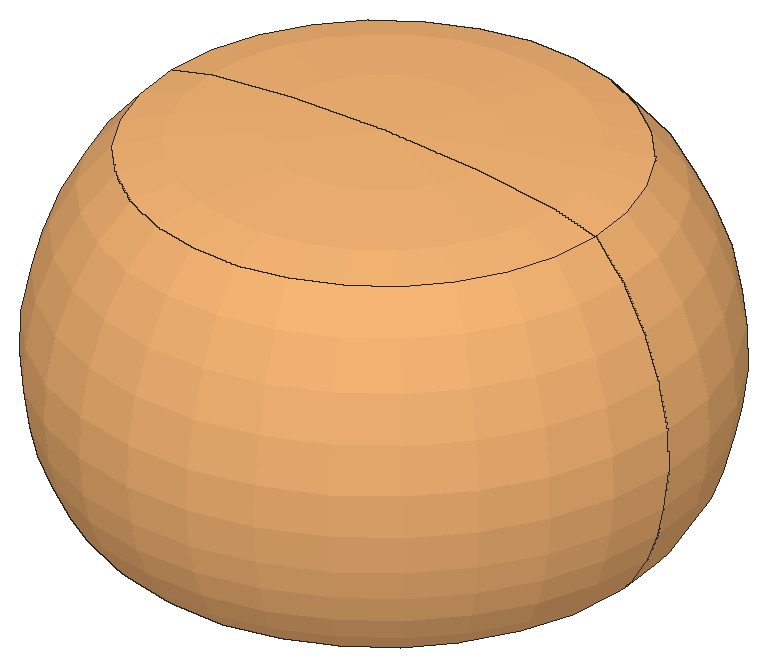
Revit family "Pix - 3000", category Arredi, Revit 2014
Parameters
  URL = "http://www.arper.com"
  Produttore = "ARPER s.p.a."  # constant formula
  Modello = "Pix 67"  # constant formula
  Descrizione = "One small seat ottoman. Upholstery available in fabric, leather, faux\r\nleather or customer's material. Fitted with glides. Diameter 67 cm."
  Copyright [instance] = "ARPER s.p.a."  # constant formula
  Arper - Legs material [instance] = Arper - generic glides
  Arper - Cover material [instance] = Arper - generic texture
  Arper - Article code [instance] = "art.3000"  # constant formula
Reference planes
  plane 1 "Centro (Fronte/Retro)": y = 0
  plane 2: z = 0
  plane 3 "Centro (Sinistra/Destra)": x = 0
Forms (mm)
  Revolve 1, solid, material "Arper - generic texture" <- "Arper - Cover material"
    sketch origin (0, 0, 0) x (1, 0, 0) y (0, 0, 1)
      loop
        line (0, 424.001) -> (0, 19) -> (26.5, 19) -> (146, 19) -> (204, 19) -> (229.725, 19)
        spline (229.725, 19) -> (266.085, 26.994) -> (291.158, 48.966) -> (308.805, 76.161) -> (320.996, 105.752) -> (329.059, 136.941) -> (334.017, 169.142) -> (335.221, 202.941) -> (331.46, 239.323) -> (321.521, 279.264) -> (304.573, 322.153) -> (280.672, 363.677) -> (250, 399)
        spline (250, 399) -> (244.261, 401.837) -> (234.181, 404.726) -> (220.241, 407.61) -> (202.917, 410.434) -> (182.69, 413.139) -> (160.037, 415.67) -> (135.438, 417.968) -> (109.372, 419.979) -> (82.316, 421.644) -> (54.749, 422.908) -> (27.151, 423.712) -> (0, 424.001)
      axis (0, 424.001) -> (0, 19)
    angle from 0 to 360
  Extrusion 2, solid, material "Arper - generic glides" <- "Arper - Legs material"
    sketch origin (57.595, -39.701, 0) x (1, 0, 0) y (0, 1, 0)
      loop
        circle (117.405, 39.701) r 29
    from 0 to 25
  Extrusion 3, solid, material "Arper - generic glides" <- "Arper - Legs material"
    sketch origin (-292.405, -39.701, 0) x (1, 0, 0) y (0, 1, 0)
      loop
        circle (117.405, 39.701) r 29
    from 0 to 25
  Extrusion 4, solid, material "Arper - generic glides" <- "Arper - Legs material"
    sketch origin (39.701, 57.595, 0) x (-0.000001, 1, 0) y (-1, -0.000001, 0)
      loop
        circle (117.405, 39.701) r 29
    from 0 to 25
  Extrusion 5, solid, material "Arper - generic glides" <- "Arper - Legs material"
    sketch origin (39.701, -292.405, 0) x (-0.000001, 1, 0) y (-1, -0.000001, 0)
      loop
        circle (117.405, 39.701) r 29
    from 0 to 25
Dimensions and locks
  aligned and locked: level to plane 2
